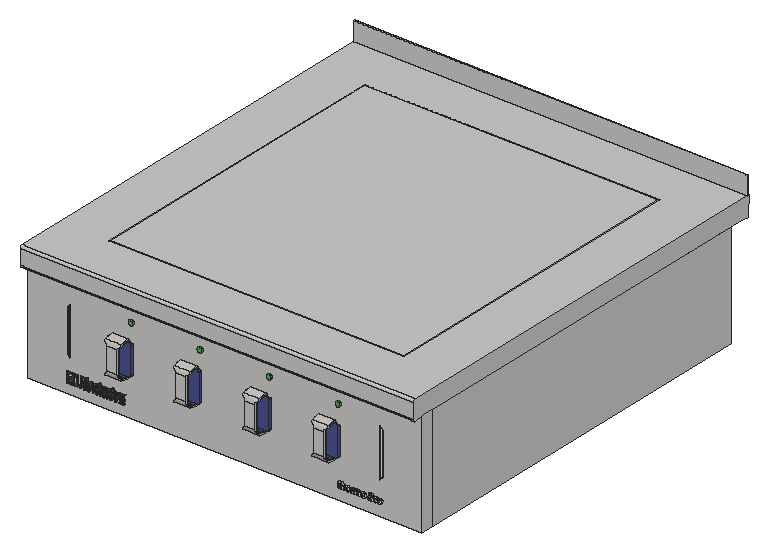
Revit family "QF_ELECTROLUXPROFESSIONAL_588506_MBCDBBHOAO", category Attrezzature speciali, Revit 2020 (continued)
Definition of nested family "Front_Panel_W800_4 Knobs_Spie"
  Definition of nested family "ELX_Professional_Logo_Small"
    Forms (mm)
      Extrusion 2, solid, material <- "Material_Logo"
        sketch origin (15.5, 0, 0) x (1, 0, 0) y (0, 1, 0)
          loop
            spline (0.056, 1.901) -> (0.079, 2.316) -> (0.145, 2.703) -> (0.254, 3.06) -> (0.404, 3.386) -> (0.592, 3.679) -> (0.818, 3.938) -> (1.08, 4.162) -> (1.375, 4.348) -> (1.703, 4.495) -> (2.062, 4.602) -> (2.45, 4.668) -> (2.865, 4.69)
            line (2.865, 4.69) -> (3.898, 4.586) -> (3.898, 6.983)
          loop
            spline (15.638, 1.633) -> (15.586, 2.396) -> (15.435, 3.124) -> (15.192, 3.81) -> (14.863, 4.449) -> (14.455, 5.034) -> (13.975, 5.56) -> (13.43, 6.021) -> (12.826, 6.411) -> (12.17, 6.724) -> (11.469, 6.955) -> (10.729, 7.098) -> (9.958, 7.147)
            spline (9.958, 7.147) -> (9.182, 7.098) -> (8.44, 6.955) -> (7.737, 6.724) -> (7.081, 6.411) -> (6.477, 6.021) -> (5.933, 5.56) -> (5.454, 5.034) -> (5.048, 4.449) -> (4.721, 3.81) -> (4.479, 3.124) -> (4.329, 2.396) -> (4.277, 1.633)
            spline (4.277, 1.633) -> (4.329, 0.869) -> (4.479, 0.141) -> (4.721, -0.544) -> (5.048, -1.183) -> (5.454, -1.768) -> (5.933, -2.294) -> (6.477, -2.755) -> (7.081, -3.145) -> (7.737, -3.459) -> (8.44, -3.69) -> (9.182, -3.833) -> (9.958, -3.882)
            spline (9.958, -3.882) -> (10.729, -3.833) -> (11.469, -3.69) -> (12.17, -3.459) -> (12.826, -3.145) -> (13.43, -2.755) -> (13.975, -2.294) -> (14.455, -1.768) -> (14.863, -1.183) -> (15.192, -0.544) -> (15.435, 0.141) -> (15.586, 0.869) -> (15.638, 1.633)
          loop
            spline (13.18, 1.633) -> (13.151, 2.083) -> (13.067, 2.513) -> (12.932, 2.918) -> (12.748, 3.296) -> (12.52, 3.642) -> (12.251, 3.954) -> (11.943, 4.227) -> (11.601, 4.459) -> (11.228, 4.645) -> (10.828, 4.782) -> (10.403, 4.867) -> (9.958, 4.896)
            spline (9.958, 4.896) -> (9.509, 4.867) -> (9.081, 4.782) -> (8.679, 4.645) -> (8.306, 4.459) -> (7.964, 4.227) -> (7.658, 3.954) -> (7.39, 3.642) -> (7.163, 3.296) -> (6.981, 2.918) -> (6.847, 2.513) -> (6.765, 2.083) -> (6.736, 1.633)
            spline (6.736, 1.633) -> (6.765, 1.182) -> (6.847, 0.753) -> (6.981, 0.347) -> (7.163, -0.031) -> (7.39, -0.377) -> (7.658, -0.689) -> (7.964, -0.962) -> (8.306, -1.193) -> (8.679, -1.38) -> (9.081, -1.517) -> (9.509, -1.602) -> (9.958, -1.631)
            spline (9.958, -1.631) -> (10.403, -1.602) -> (10.828, -1.517) -> (11.228, -1.38) -> (11.601, -1.193) -> (11.943, -0.962) -> (12.251, -0.689) -> (12.52, -0.377) -> (12.748, -0.031) -> (12.932, 0.347) -> (13.067, 0.753) -> (13.151, 1.182) -> (13.18, 1.633)
          loop
            line (17.162, 4.269) -> (17.162, -3.573) -> (19.642, -3.573) -> (19.642, 10.824) -> (17.162, 10.824) -> (17.162, 4.269)
          loop
            line (28.581, 6.838) -> (28.581, 0.786)
            spline (28.581, 0.786) -> (28.561, 0.393) -> (28.503, 0.038) -> (28.409, -0.279) -> (28.281, -0.559) -> (28.122, -0.802) -> (27.933, -1.011) -> (27.717, -1.185) -> (27.476, -1.325) -> (27.213, -1.433) -> (26.929, -1.509) -> (26.626, -1.554) -> (26.308, -1.569)
            spline (26.308, -1.569) -> (25.99, -1.554) -> (25.688, -1.509) -> (25.404, -1.434) -> (25.141, -1.326) -> (24.9, -1.187) -> (24.684, -1.014) -> (24.496, -0.807) -> (24.336, -0.565) -> (24.209, -0.288) -> (24.115, 0.026) -> (24.057, 0.376) -> (24.037, 0.765)
            line (24.037, 0.765) -> (24.037, 6.838) -> (21.537, 6.838) -> (21.537, 0.558)
            spline (21.537, 0.558) -> (21.581, -0.153) -> (21.71, -0.8) -> (21.916, -1.384) -> (22.195, -1.904) -> (22.54, -2.362) -> (22.944, -2.757) -> (23.403, -3.09) -> (23.909, -3.362) -> (24.456, -3.572) -> (25.04, -3.722) -> (25.652, -3.811) -> (26.288, -3.841)
            spline (26.288, -3.841) -> (26.929, -3.811) -> (27.547, -3.72) -> (28.135, -3.568) -> (28.687, -3.355) -> (29.197, -3.079) -> (29.66, -2.741) -> (30.068, -2.341) -> (30.415, -1.877) -> (30.696, -1.349) -> (30.905, -0.757) -> (31.034, -0.101) -> (31.079, 0.621)
            line (31.079, 0.621) -> (31.079, 6.838) -> (28.581, 6.838)
          loop
            line (40.457, -0.243) -> (38.894, 1.942) -> (40.83, 4.579) -> (42.488, 6.837) -> (39.782, 6.837) -> (37.53, 3.719) -> (35.258, 6.837) -> (32.573, 6.837) -> (34.113, 4.731) -> (36.167, 1.922) -> (34.014, -1.076) -> (32.222, -3.573) -> (34.887, -3.573) -> (37.53, 0.104) -> (40.174, -3.573) -> (42.839, -3.573) -> (40.457, -0.243)
          loop
            line (-46.121, -5.837) -> (-48.039, -5.837) -> (-48.039, -10.814) -> (-47.016, -10.814) -> (-47.016, -9.128) -> (-46.121, -9.128)
            arc (-46.121, -9.128) -> (-44.476, -7.482) -> (-46.121, -5.837) r 1.645
          loop
            line (-46.163, -6.778) -> (-47.016, -6.778) -> (-47.016, -8.187) -> (-46.163, -8.187)
            arc (-46.163, -8.187) -> (-45.458, -7.482) -> (-46.163, -6.778) r 0.704
          loop
            line (-38.313, -5.837) -> (-40.265, -5.837) -> (-40.265, -10.814) -> (-39.241, -10.814) -> (-39.241, -9.1) -> (-38.46, -9.182) -> (-37.48, -10.814) -> (-36.318, -10.814) -> (-37.513, -8.848)
            arc (-37.513, -8.848) -> (-36.888, -8.266) -> (-36.671, -7.441) r 1.536
            arc (-36.671, -7.441) -> (-37.165, -6.305) -> (-38.313, -5.837) r 1.643
          loop
            arc (-38.402, -8.166) -> (-37.707, -7.505) -> (-38.334, -6.778) r 0.696
            line (-38.334, -6.778) -> (-39.241, -6.778) -> (-39.241, -8.166) -> (-38.402, -8.166)
          loop
            circle (-29.965, -8.325) r 2.585
          loop
            circle (-29.965, -8.325) r 1.64
          loop
            line (-23.1, -5.837) -> (-23.1, -10.814) -> (-22.076, -10.814) -> (-22.076, -8.768) -> (-20.204, -8.768) -> (-20.204, -7.828) -> (-22.076, -7.828) -> (-22.076, -6.778) -> (-20.024, -6.778) -> (-20.024, -5.837) -> (-23.1, -5.837)
          loop
            line (-15.802, -5.837) -> (-15.802, -9.2)
            arc (-15.802, -9.2) -> (-15.343, -10.34) -> (-14.209, -10.814) r 1.593
            line (-14.209, -10.814) -> (-12.602, -10.814) -> (-12.602, -10.027) -> (-14.004, -10.027)
            arc (-14.004, -10.027) -> (-14.552, -9.8) -> (-14.779, -9.252) r 0.775
            line (-14.779, -9.252) -> (-14.779, -8.424) -> (-12.789, -8.424) -> (-12.789, -7.642) -> (-14.779, -7.642) -> (-14.779, -6.778) -> (-12.651, -6.778) -> (-12.651, -5.837) -> (-15.802, -5.837)
          loop
            line (-5.909, -7.143) -> (-5.173, -6.638)
            arc (-5.173, -6.638) -> (-5.855, -5.974) -> (-6.781, -5.755) r 1.782
            arc (-6.781, -5.755) -> (-7.397, -5.878) -> (-7.944, -6.189) r 1.974
            arc (-7.944, -6.189) -> (-8.202, -6.5) -> (-8.317, -6.888) r 1.013
            arc (-8.317, -6.888) -> (-8.306, -7.341) -> (-8.192, -7.78) r 1.985
            arc (-8.192, -7.78) -> (-7.749, -8.259) -> (-7.171, -8.563) r 1.928
            arc (-7.171, -8.563) -> (-6.637, -8.779) -> (-6.131, -9.056) r 5.041
            arc (-6.131, -9.056) -> (-5.934, -9.387) -> (-6.09, -9.74) r 0.42
            arc (-6.09, -9.74) -> (-6.631, -9.96) -> (-7.204, -9.845) r 1.016
            arc (-7.204, -9.845) -> (-7.625, -9.603) -> (-7.889, -9.196) r 1.033
            line (-7.889, -9.196) -> (-8.67, -9.686)
            arc (-8.67, -9.686) -> (-8.361, -10.198) -> (-7.908, -10.589) r 1.914
            arc (-7.908, -10.589) -> (-7.334, -10.834) -> (-6.714, -10.896) r 2.063
            arc (-6.714, -10.896) -> (-5.947, -10.743) -> (-5.256, -10.376) r 2.696
            arc (-5.256, -10.376) -> (-4.95, -9.565) -> (-5.108, -8.712) r 1.618
            arc (-5.108, -8.712) -> (-5.448, -8.319) -> (-5.884, -8.035) r 1.876
            arc (-5.884, -8.035) -> (-6.434, -7.789) -> (-6.999, -7.577) r 9.883
            arc (-6.999, -7.577) -> (-7.325, -7.07) -> (-6.854, -6.694) r 0.45
            arc (-6.854, -6.694) -> (-6.329, -6.809) -> (-5.909, -7.143) r 1.197
          loop
            line (1.61, -7.143) -> (2.345, -6.638)
            arc (2.345, -6.638) -> (1.663, -5.974) -> (0.737, -5.755) r 1.782
            arc (0.737, -5.755) -> (0.121, -5.878) -> (-0.425, -6.189) r 1.974
            arc (-0.425, -6.189) -> (-0.683, -6.5) -> (-0.799, -6.888) r 1.013
            arc (-0.799, -6.888) -> (-0.788, -7.341) -> (-0.674, -7.78) r 1.985
            arc (-0.674, -7.78) -> (-0.231, -8.259) -> (0.347, -8.563) r 1.928
            arc (0.347, -8.563) -> (0.881, -8.779) -> (1.387, -9.056) r 5.041
            arc (1.387, -9.056) -> (1.584, -9.387) -> (1.428, -9.74) r 0.42
            arc (1.428, -9.74) -> (0.887, -9.96) -> (0.314, -9.845) r 1.016
            arc (0.314, -9.845) -> (-0.107, -9.603) -> (-0.371, -9.196) r 1.033
            line (-0.371, -9.196) -> (-1.152, -9.686)
            arc (-1.152, -9.686) -> (-0.842, -10.198) -> (-0.39, -10.589) r 1.914
            arc (-0.39, -10.589) -> (0.184, -10.834) -> (0.804, -10.896) r 2.063
            arc (0.804, -10.896) -> (1.572, -10.743) -> (2.263, -10.376) r 2.696
            arc (2.263, -10.376) -> (2.568, -9.565) -> (2.411, -8.712) r 1.618
            arc (2.411, -8.712) -> (2.07, -8.319) -> (1.635, -8.035) r 1.876
            arc (1.635, -8.035) -> (1.084, -7.789) -> (0.519, -7.577) r 9.883
            arc (0.519, -7.577) -> (0.193, -7.07) -> (0.665, -6.694) r 0.45
            arc (0.665, -6.694) -> (1.189, -6.809) -> (1.61, -7.143) r 1.197
          loop
            line (6.801, -5.837) -> (6.801, -10.814) -> (7.825, -10.814) -> (7.825, -5.837) -> (6.801, -5.837)
          loop
            circle (14.724, -8.325) r 1.548
          loop
            circle (14.724, -8.325) r 2.585
          loop
            line (21.59, -10.814) -> (22.623, -10.814) -> (22.623, -7.685) -> (24.9, -10.814) -> (25.895, -10.814) -> (25.895, -5.837) -> (24.861, -5.837) -> (24.861, -9.061) -> (22.585, -5.837) -> (21.59, -5.837) -> (21.59, -10.814)
          loop
            line (31.054, -10.814) -> (31.539, -9.74) -> (33.38, -9.74) -> (33.865, -10.814) -> (34.965, -10.814) -> (32.46, -5.837) -> (29.956, -10.814) -> (31.054, -10.814)
          loop
            line (32.46, -7.698) -> (31.999, -8.719) -> (32.921, -8.719) -> (32.46, -7.698)
          loop
            line (40.047, -9.873) -> (40.047, -5.837) -> (39.024, -5.837) -> (39.024, -10.814) -> (41.961, -10.814) -> (41.961, -9.873) -> (40.047, -9.873)
          loop
            line (-74.986, -10.814) -> (-53.322, -10.814) -> (-53.322, 10.82) -> (-74.986, 10.82) -> (-74.986, -10.814)
          loop
            line (-61.261, 9.758) -> (-61.261, -9.707)
            arc (-61.261, -9.707) -> (-54.066, 0.025) -> (-61.261, 9.758) r 10.18
          loop
            line (-62.251, 8.349) -> (-62.251, 9.758)
            arc (-62.251, 9.758) -> (-70.347, 7.918) -> (-74.247, 0.59) r 9.976
            line (-74.247, 0.59) -> (-71.026, 0.59)
            arc (-71.026, 0.59) -> (-65.274, 2.925) -> (-62.251, 8.349) r 9.351
          loop
            arc (-74.247, -0.539) -> (-70.353, -7.928) -> (-62.251, -9.957) r 10.237
            line (-62.251, -9.957) -> (-62.251, -8.298)
            arc (-62.251, -8.298) -> (-65.274, -2.874) -> (-71.026, -0.539) r 9.351
            line (-71.026, -0.539) -> (-74.247, -0.539)
        from 0 to 1.644
    Dimensions and locks
      aligned and locked: plane 2 to Extrusion 1
      aligned and locked: level to Extrusion 1
